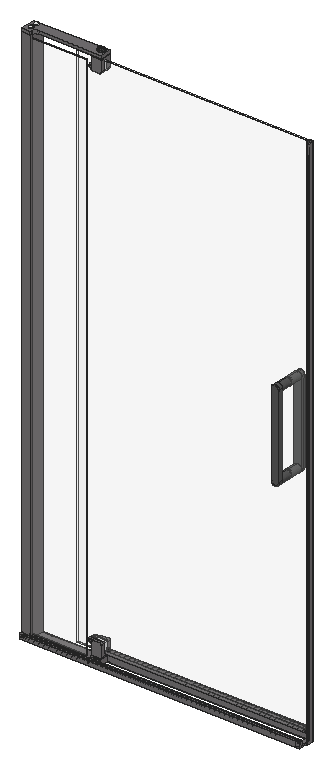
Revit family "Shower-Shower_Door-KOHLER-Revel-K-707511_1", category Specialty Equipment, host Face, Revit 2022 (continued)
Definition of nested family "K-707511"
  Automatic sketch dimensions
    curve 92 to curve 95 = 0"  (x2)
    curve 93 to curve 94 = 0"  (x2)
    curve 93 to curve 95 = 0"  (x2)
    curve 94 to curve 95 = 0"  (x2)
    curve 143 to curve 144 = 0"  (x2)
    curve 143 to curve 145 = 0"  (x2)
    curve 143 to curve 146 = 0"  (x2)
    curve 144 to curve 145 = 0"  (x2)
    curve 144 to curve 146 = 0"  (x2)
    curve 145 to curve 146 = 0"  (x2)
    curve 80 to plane 4 = 0"
    curve 74 to plane 14 = 0"
    plane 1 "Center (Front/Back)" to curve 94 = 0"
    curve 75 to plane 14 = 0"
    curve 78 to plane 27 = 0"
    curve 147 to plane 27 = 0"
    plane 15 to curve 135 = 0"
    plane 15 to curve 136 = 0"
    curve 150 to plane 29 = 0"
    curve 159 to plane 31 = 0"
    curve 153 to plane 30 = 0"
    curve 161 to plane 30 = 0"
    curve 152 to plane 30 = 0"
    plane 15 to curve 150 = 0"
    plane 19 "A" to curve 131 = 0.03673"
    plane 18 to curve 131 = 0.13423"
    plane 20 "B" to curve 116 = 0.03673"
    plane 18 to curve 116 = 0.13423"
    plane 18 to curve 128 = 0.03673"
    plane 18 to curve 123 = 0.03673"
    plane 18 to curve 108 = 0.03673"
    plane 18 to curve 119 = 0.03673"
    curve 118 to plane 18 = 0.03673"
    curve 109 to plane 18 = 0.03673"
    curve 130 to plane 18 = 0.03673"
    curve 124 to plane 18 = 0.03673"
    curve 125 to plane 19 "A" = 0.03673"
    curve 122 to curve 125 = 0.0975"
    plane 20 "B" to curve 112 = 0.03673"
    curve 110 to curve 112 = 0.0975"
    curve 81 to curve 81 = 0.09093"
    curve 85 to plane 5 = 61/256"
    curve 84 to plane 5 = 0.03"
    curve 83 to plane 5 = 0.03"
    plane 1 "Center (Front/Back)" to curve 102 = 0.02884"
    plane 5 to curve 102 = 0.76063"
    plane 20 "B" to curve 141 = 0.16284"
    curve 102 to curve 141 = 0.04852"
    curve 102 to curve 96 = 0.09966"
    curve 102 to curve 104 = 0.09966"
    curve 141 to curve 143 = 0.07988"
    curve 96 to curve 140 = 0.02874"
    curve 140 to curve 94 = 0.0001"
    curve 95 to curve 103 = 0.02884"
    curve 140 to curve 100 = 0.02895"
    plane 1 "Center (Front/Back)" to curve 103 = 0.02884"
    curve 103 to curve 103 = 0.09966"
    plane 1 "Center (Front/Back)" to curve 142 = 0.04856"
    curve 142 to plane 27 = 0.23277"
    curve 157 to plane 31 = 0.03365"
    plane 31 to curve 158 = 0.01322"
    plane 31 to curve 156 = 0.02423"
    curve 156 to curve 154 = 0.00633"
    curve 155 to curve 153 = 0.05885"
    plane 31 to curve 155 = 0.08389"
    plane 1 "Center (Front/Back)" to curve 160 = 0.00425"
    curve 155 to curve 160 = 0.02009"
    plane 31 to curve 162 = 0.15086"
    curve 163 to curve 163 = 0.02441"
    curve 148 to plane 30 = 0.05767"
    curve 147 to plane 30 = 0.05767"
    curve 80 to curve 79 = 0.1652"
    curve 84 to plane 15 = 0.4581"
    curve 84 to curve 85 = 0.11575"
    curve 130 to curve 129 = 0.0975"
    plane 19 "A" to curve 130 = 0.03673"
    curve 127 to plane 19 "A" = 0.03673"
    curve 120 to curve 121 = 0.0975"
    plane 1 "Center (Front/Back)" to curve 162 = 0.18411"
    curve 163 to curve 148 = 0.02361"
    curve 104 to curve 104 = 0.09966"
    curve 101 to plane 1 "Center (Front/Back)" = 0.02884"
    curve 96 to plane 1 "Center (Front/Back)" = 0.02884"
    curve 96 to curve 140 = 0.00248"
    curve 155 to plane 1 "Center (Front/Back)" = 0.09118"
    curve 99 to curve 97 = 0.09966"
    curve 155 to curve 154 = 0.06544"
    curve 154 to curve 156 = 0.00927"
    curve 111 to plane 20 "B" = 0.13423"
    curve 158 to plane 20 "B" = 0.03683"
    curve 114 to plane 20 "B" = 0.03673"
    curve 119 to plane 20 "B" = 0.03673"
    curve 158 to curve 157 = 0.0175"
    curve 108 to curve 108 = 0.0975"
    curve 141 to curve 144 = 0.00699"
    curve 88 to curve 81 = 0.00607"
    plane 5 to curve 87 = 0.27052"
    plane 5 to curve 74 = 0.38638"
    curve 94 to curve 102 = 0.2311"
    curve 92 to curve 102 = 0.08693"
    plane 20 "B" to curve 141 = 0.01706"
    curve 74 to curve 141 = 0.00276"
    curve 140 to curve 141 = 0"
    curve 143 to curve 141 = 0.01712"
    curve 141 to curve 144 = 0.00256"
    curve 146 to curve 75 = 0.02854"
    plane 1 "Center (Front/Back)" to curve 142 = 0.13925"
    curve 75 to plane 27 = 0.1683"
    curve 89 to plane 27 = 0.04478"
    curve 135 to plane 19 "A" = 0.21563"
    curve 135 to plane 6 "K" = 0.49213"
    curve 132 to plane 20 "B" = 0.11924"
    curve 132 to plane 6 "K" = 0.49213"
    curve 138 to plane 6 "K" = 0.49213"
    plane 6 "K" to curve 136 = 0.49213"
    curve 134 to curve 136 = 0"
    plane 6 "K" to curve 138 = 0.49213"
    curve 156 to plane 29 = 0.05792"
    curve 156 to curve 139 = 0.00498"
    curve 163 to curve 161 = 0.0027"
    plane 30 to curve 162 = 0.01307"
    curve 136 to curve 137 = 0.05765"
    curve 137 to curve 151 = 0.2007"
    curve 151 to curve 152 = 0.06438"
    curve 87 to curve 90 = 0.123"
    curve 89 to curve 87 = 0.11678"
    curve 162 to plane 19 "A" = 0.03474"
    curve 162 to curve 161 = 0.0941"
    curve 77 to curve 148 = 0.17575"
    curve 150 to plane 19 "A" = 0.21563"
    curve 136 to plane 19 "A" = 0.21563"
    curve 76 to curve 148 = 0.06517"
    curve 76 to plane 14 = 0.19046"
    curve 133 to plane 14 = 0.19046"
    curve 134 to plane 14 = 0.19046"
    plane 12 to curve 138 = 0.51403"
    curve 35 to curve 36 = 0"  (x2)
    plane 4 to curve 3 = 0"
    plane 4 to curve 5 = 0"
    curve 1 to plane 7 = 0"
    curve 4 to plane 16 = 0"
    curve 4 to plane 17 = 0"
    curve 3 to plane 8 = 0"
    curve 14 to plane 21 "C" = 0"
    curve 6 to plane 5 = 0"
    curve 5 to plane 5 = 0"
    curve 33 to plane 17 = 0"
    curve 13 to plane 16 = 0"
    curve 20 to plane 8 = 0"
    curve 23 to plane 7 = 0"
    curve 34 to plane 17 = 0"
    curve 15 to plane 16 = 0"
    curve 166 to plane 22 = 0"
    curve 17 to plane 30 = 0"
    curve 165 to plane 30 = 0"
    curve 149 to level = 0"
    curve 149 to plane 22 = 0"
    curve 167 to level = 0"
    curve 35 to plane 9 "D" = 0"
    curve 6 to plane 17 = 0"
    curve 14 to plane 5 = 0.03234"
    plane 9 "D" to curve 33 = 0.02692"
    plane 5 to curve 33 = 0.26228"
    curve 7 to plane 21 "C" = 0.03784"
    plane 5 to curve 7 = 0.28002"
    plane 9 "D" to curve 30 = 0.27933"
    curve 8 to curve 8 = 0.24016"
    curve 30 to plane 27 = 0.31124"
    curve 10 to plane 21 "C" = 0.03893"
    curve 10 to plane 27 = 0.28385"
    plane 9 "D" to curve 34 = 0.02692"
    plane 31 to curve 166 = 0.15086"
    plane 16 to curve 18 = 0.04195"
    plane 7 to curve 2 = 0.03277"
    plane 18 to curve 2 = 0.246"
    curve 2 to curve 1 = 0"  (x2)
    curve 1 to plane 18 = 0.246"
    curve 4 to plane 18 = 0.48083"
    curve 1 to curve 3 = 0.23863"
    plane 5 to curve 22 = 0.26706"
    curve 31 to curve 36 = 0.02188"
    plane 26 to curve 25 = 0.16051"
    plane 5 to curve 25 = 0.56409"
    plane 16 to curve 12 = 0.12358"
    curve 7 to curve 12 = 0.37288"
    curve 12 to curve 13 = 0"
    curve 25 to curve 24 = 23/256"
    curve 22 to curve 20 = 0.38688"
    curve 24 to curve 23 = 0"  (x2)
    curve 20 to curve 21 = 0"  (x2)
    curve 20 to plane 27 = 0.45049"
    curve 23 to curve 20 = 0"
    curve 13 to curve 11 = 0.40467"
    curve 13 to curve 12 = 0.00481"
    curve 24 to curve 25 = 23/256"
    curve 22 to plane 27 = 0.06361"
    curve 15 to plane 27 = 0.04478"
    curve 168 to plane 29 = 0.05794"
    curve 149 to plane 28 = 0.05484"
    curve 16 to level = 0.00013"
    curve 18 to curve 15 = 0.13054"
    plane 16 to curve 11 = 0.16295"
    curve 166 to curve 19 = 0.42563"
    plane 16 to curve 6 = 0.46758"
    curve 7 to curve 6 = 0"
    plane 21 "C" to curve 14 = 0.31068"
    curve 35 to plane 9 "D" = 0.16965"
    curve 22 to plane 8 = 0.13399"
    curve 21 to plane 8 = 0.07121"
    curve 24 to curve 25 = 0.063"
    Extrusion 1 sketch curve to level = 0"
    Extrusion 1 sketch curve to plane 15 = 0.06835"
    Extrusion 1 sketch curve to Extrusion 1 sketch curve = 0.0575"
    Extrusion 1 sketch curve to Extrusion 1 sketch curve = 0.00517"
    Extrusion 1 sketch curve to Extrusion 1 sketch curve = 0.01419"
    Extrusion 1 sketch curve to Extrusion 1 sketch curve = 0.06095"
    level to Extrusion 1 sketch curve = 1/16"
    Extrusion 1 sketch curve to plane 19 "A" = 0.24875"
    Extrusion 1 sketch curve to Extrusion 1 sketch curve = 0.0269"
    Extrusion 1 sketch curve to plane 14 = 0.11294"
    Extrusion 1 sketch curve to plane 14 = 0.10972"
    level to Extrusion 1 sketch curve = 0.0362"
    level to Extrusion 1 sketch curve = 0.1353"
    Extrusion 1 sketch curve to Extrusion 1 sketch curve = 0.18081"
    Extrusion 1 sketch curve to plane 16 = 0.14992"
    Extrusion 2 sketch curve to plane 15 = 0"
    Extrusion 2 sketch curve to plane 16 = 0"
    Extrusion 2 sketch curve to level = 0"
    Extrusion 2 sketch curve to Extrusion 2 sketch curve = 0.02565"
    Extrusion 2 sketch curve to Extrusion 2 sketch curve = 0.04849"
    Extrusion 2 sketch curve to plane 15 = 0.06835"
    Extrusion 2 sketch curve to Extrusion 2 sketch curve = 0.01986"
    Extrusion 2 sketch curve to Extrusion 2 sketch curve = 0.13"
    Extrusion 2 sketch curve to Extrusion 2 sketch curve = 0.03"
    Extrusion 2 sketch curve to Extrusion 2 sketch curve = 0.02306"
    level to Extrusion 2 sketch curve = 0.06"
    Extrusion 2 sketch curve to plane 19 "A" = 0.21563"
    Extrusion 2 sketch curve to level = 0.00012"
    Extrusion 2 sketch curve to Extrusion 2 sketch curve = 0.05002"
    Extrusion 2 sketch curve to Extrusion 2 sketch curve = 0.06012"
    Extrusion 2 sketch curve to Extrusion 2 sketch curve = 0.23886"
    Extrusion 2 sketch curve to Extrusion 2 sketch curve = 0.03927"
    Extrusion 3 sketch curve to plane 15 = 0"
    Extrusion 3 sketch curve to plane 16 = 0"
    plane 15 to Extrusion 3 sketch curve = 0.01592"
    Extrusion 3 sketch curve to Extrusion 3 sketch curve = 0.01926"
    Extrusion 3 sketch curve to plane 15 = 0.27398"
    Extrusion 3 sketch curve to Extrusion 3 sketch curve = 0.02839"
    level to Extrusion 3 sketch curve = 0.12718"
    Extrusion 3 sketch curve to Extrusion 3 sketch curve = 0.02873"
    Extrusion 3 sketch curve to Extrusion 3 sketch curve = 0.00215"
    Extrusion 3 sketch curve to Extrusion 3 sketch curve = 0.01786"
    Extrusion 3 sketch curve to Extrusion 3 sketch curve = 0.03964"
    level to Extrusion 3 sketch curve = 0.02652"
    Extrusion 3 sketch curve to plane 19 "A" = 0.24875"
    Extrusion 3 sketch curve to level = 0.00012"
    Extrusion 3 sketch curve to plane 20 "B" = 0.05137"
    Extrusion 3 sketch curve to plane 20 "B" = 0.04724"
    Extrusion 3 sketch curve to plane 20 "B" = 0.01862"
    level to Extrusion 3 sketch curve = 0.03588"
    Extrusion 3 sketch curve to Extrusion 3 sketch curve = 0.03586"
    Extrusion 3 sketch curve to Extrusion 3 sketch curve = 0.17605"
    plane 16 to Extrusion 3 sketch curve = 0.01936"
    Extrusion 4 sketch curve to plane 4 = 0"  (x3)
    Extrusion 4 sketch curve to Extrusion 4 sketch curve = 0.0602"  (x3)
    plane 18 to Extrusion 4 sketch curve = 0.07962"  (x2)
    Extrusion 4 sketch curve to plane 18 = 0.12868"
    Extrusion 4 sketch curve to Extrusion 4 sketch curve = 0.35216"
    Extrusion 4 sketch curve to plane 14 = 0.06541"
    Extrusion 4 sketch curve to plane 18 = 0.48463"
    Extrusion 4 sketch curve to Extrusion 4 sketch curve = 0.08028"
    Extrusion 4 sketch curve to plane 20 "B" = 0.05739"
    Extrusion 4 sketch curve to Extrusion 4 sketch curve = 0.06414"
    Extrusion 4 sketch curve to plane 19 "A" = 0.12285"
    Extrusion 4 sketch curve to plane 19 "A" = 0.05862"
    plane 19 "A" to Extrusion 4 sketch curve = 0.29112"
    Extrusion 4 sketch curve to Extrusion 4 sketch curve = 0.11575"
    Extrusion 4 sketch curve to plane 15 = 0.32135"
    Extrusion 4 sketch curve to Extrusion 4 sketch curve = 0.063"
    plane 18 to Extrusion 5 sketch curve = 0.07962"  (x2)
    Extrusion 5 sketch curve to plane 18 = 0.12868"
    Extrusion 5 sketch curve to plane 5 = 61/256"
    Extrusion 5 sketch curve to plane 5 = 0.03"  (x2)
    Extrusion 5 sketch curve to plane 15 = 0.4581"
    Extrusion 5 sketch curve to Extrusion 5 sketch curve = 0.11575"
    Extrusion 6 sketch curve to plane 14 = 0"
    Extrusion 6 sketch curve to plane 15 = 0.20009"
    Extrusion 6 sketch curve to plane 18 = 0.45693"
    Extrusion 6 sketch curve to Extrusion 6 sketch curve = 0.09093"
    Extrusion 6 sketch curve to Extrusion 6 sketch curve = 0.51584"
    Extrusion 6 sketch curve to Extrusion 6 sketch curve = 0.07427"
    Revolve 7 sketch curve to plane 7 = 0.10388"
    Revolve 7 sketch curve to Revolve 7 sketch curve = 0.03277"
    Revolve 7 sketch curve to Revolve 7 sketch curve = 0.17753"
    Revolve 7 sketch curve to plane 26 = 0.02929"
    Revolve 7 sketch curve to Revolve 7 sketch curve = 0.2419"
    Revolve 8 sketch curve to Revolve 8 sketch curve = 0.03277"
    Revolve 8 sketch curve to Revolve 8 sketch curve = 0.17753"
    Revolve 8 sketch curve to plane 7 = 0.10388"
    plane 26 to Revolve 8 sketch curve = 0.01062"
    Revolve 8 sketch curve to plane 26 = 0.13893"
    Extrusion 9 sketch curve to level = 0"
    Extrusion 9 sketch curve to plane 15 = 0.06835"
    Extrusion 9 sketch curve to Extrusion 9 sketch curve = 0.0575"
    Extrusion 9 sketch curve to Extrusion 9 sketch curve = 0.11628"
    Extrusion 9 sketch curve to Extrusion 9 sketch curve = 0.01"
    Extrusion 9 sketch curve to Extrusion 9 sketch curve = 0.0365"
    Extrusion 9 sketch curve to plane 16 = 0.00492"  (x2)
    Extrusion 9 sketch curve to Extrusion 9 sketch curve = 0.03091"
    Extrusion 9 sketch curve to Extrusion 9 sketch curve = 0.05911"
    Extrusion 9 sketch curve to Extrusion 9 sketch curve = 1/8"
    Extrusion 9 sketch curve to Extrusion 9 sketch curve = 0.04573"
    Extrusion 9 sketch curve to Extrusion 9 sketch curve = 0.27637"
    Extrusion 9 sketch curve to Extrusion 9 sketch curve = 0.06091"
    Extrusion 9 sketch curve to Extrusion 9 sketch curve = 0.04562"
    level to Extrusion 9 sketch curve = 1/16"
    Extrusion 9 sketch curve to plane 19 "A" = 0.24913"
    Extrusion 9 sketch curve to Extrusion 9 sketch curve = 1/32"
    Extrusion 9 sketch curve to plane 14 = 0.07674"
    level to Extrusion 9 sketch curve = 0.13559"
    level to Extrusion 9 sketch curve = 1/4"
    Extrusion 9 sketch curve to Extrusion 9 sketch curve = 0.05172"
    Extrusion 9 sketch curve to plane 16 = 0.14992"
    Extrusion 10 sketch curve to plane 21 "C" = 0.03784"
    plane 5 to Extrusion 10 sketch curve = 0.28002"
    Extrusion 10 sketch curve to Extrusion 10 sketch curve = 0.03852"
    Extrusion 10 sketch curve to Extrusion 10 sketch curve = 0.24016"
    Extrusion 10 sketch curve to plane 21 "C" = 0.03893"
    Extrusion 10 sketch curve to plane 27 = 0.28385"
    Extrusion 10 sketch curve to Extrusion 10 sketch curve = 0.03937"
    plane 16 to Extrusion 10 sketch curve = 0.16295"
    plane 1 "Center (Front/Back)" to Extrusion 11 sketch curve = 0.223"
    Extrusion 11 sketch curve to plane 20 "B" = 0.04449"
    plane 16 to Extrusion 11 sketch curve = 0.46758"
    Extrusion 11 sketch curve to plane 21 "C" = 0.5088"
    plane 5 to Extrusion 12 sketch curve = 0.29971"
    Extrusion 12 sketch curve to plane 21 "C" = 0.25831"
    Extrusion 12 sketch curve to Extrusion 12 sketch curve = 0.22047"
    Extrusion 12 sketch curve to plane 21 "C" = 0.03893"
    Extrusion 12 sketch curve to plane 27 = 0.28385"
    plane 16 to Extrusion 12 sketch curve = 0.46758"
    plane 20 "B" to Revolve 13 sketch curve = 0.069"
    plane 20 "B" to Revolve 13 sketch curve = 0.02888"
    Revolve 13 sketch curve to plane 20 "B" = 0.14723"
    Revolve 13 sketch curve to Revolve 13 sketch curve = 0.03917"  (x2)
    plane 1 "Center (Front/Back)" to Revolve 13 sketch curve = 0.097"
    Revolve 13 sketch curve to Revolve 13 sketch curve = 0.17611"
    Revolve 13 sketch curve to plane 5 = 0.03234"  (x2)
    Revolve 13 sketch curve to plane 19 "A" = 0.19948"
    Revolve 13 sketch curve to plane 5 = 0.18945"
    Revolve 13 sketch curve to Revolve 13 sketch curve = 0.1116"  (x2)
    Revolve 13 sketch curve to Revolve 13 sketch curve = 0.00353"  (x2)
    Revolve 13 sketch curve to Revolve 13 sketch curve = 0.138"
    Revolve 13 sketch curve to Revolve 13 sketch curve = 0"
    plane 5 to Extrusion 14 sketch curve = 0.48346"
    Extrusion 14 sketch curve to Extrusion 14 sketch curve = 0.10908"  (x7)
    Extrusion 14 sketch curve to Extrusion 14 sketch curve = 0.40681"
    Extrusion 14 sketch curve to Extrusion 14 sketch curve = 0"  (x2)
    plane 21 "C" to Extrusion 14 sketch curve = 0.69196"
    Extrusion 14 sketch curve to Extrusion 14 sketch curve = 0.06298"  (x6)
    Extrusion 14 sketch curve to Extrusion 14 sketch curve = 0.12596"  (x6)
    Revolve 15 sketch curve to plane 5 = 0"  (x2)
    plane 20 "B" to Revolve 15 sketch curve = 0.07592"
    plane 20 "B" to Revolve 15 sketch curve = 0.0358"
    Revolve 15 sketch curve to plane 20 "B" = 0.14031"
    Revolve 15 sketch curve to Revolve 15 sketch curve = 0.03917"  (x2)
    plane 1 "Center (Front/Back)" to Revolve 15 sketch curve = 0.09007"
    Revolve 15 sketch curve to Revolve 15 sketch curve = 0.17611"
    Revolve 15 sketch curve to Revolve 15 sketch curve = 0.04012"
    Revolve 15 sketch curve to plane 5 = 0.15711"
    Revolve 15 sketch curve to Revolve 15 sketch curve = 0.1116"  (x2)
    Revolve 15 sketch curve to Revolve 15 sketch curve = 0.00353"  (x2)
    Revolve 15 sketch curve to Revolve 15 sketch curve = 0.04117"
    Revolve 15 sketch curve to Revolve 15 sketch curve = 0.03191"
    plane 1 "Center (Front/Back)" to Extrusion 16 sketch curve = 0.1776"
    plane 1 "Center (Front/Back)" to Extrusion 16 sketch curve = 0.13662"
    Extrusion 16 sketch curve to Extrusion 16 sketch curve = 0.01969"
    plane 1 "Center (Front/Back)" to Extrusion 16 sketch curve = 0.097"
    Extrusion 16 sketch curve to plane 1 "Center (Front/Back)" = 0.019"
    Extrusion 16 sketch curve to plane 1 "Center (Front/Back)" = 0.135"
    Extrusion 16 sketch curve to Extrusion 16 sketch curve = 0.01577"
    Extrusion 16 sketch curve to Extrusion 16 sketch curve = 0.06816"
    Extrusion 16 sketch curve to Extrusion 16 sketch curve = 0.02029"
    Extrusion 16 sketch curve to plane 20 "B" = 0.06943"
    Extrusion 16 sketch curve to plane 20 "B" = 0.05981"
    Extrusion 16 sketch curve to plane 20 "B" = 0.04455"
    Extrusion 16 sketch curve to Extrusion 16 sketch curve = 0.00192"
    Extrusion 16 sketch curve to Extrusion 16 sketch curve = 0.02195"
    Extrusion 16 sketch curve to plane 20 "B" = 0.0158"
    plane 20 "B" to Extrusion 16 sketch curve = 0.02709"
    plane 20 "B" to Extrusion 16 sketch curve = 0.1554"
    Extrusion 16 sketch curve to Extrusion 16 sketch curve = 0.13668"
    Extrusion 16 sketch curve to plane 14 = 0.10279"
    plane 12 to Extrusion 16 sketch curve = 0.13751"
    level to Extrusion 16 sketch curve = 0.02205"
    plane 16 to Extrusion 16 sketch curve = 0.38094"
    plane 16 to Extrusion 16 sketch curve = 0.46758"
    Extrusion 16 sketch curve to Extrusion 16 sketch curve = 0.05297"
    Extrusion 16 sketch curve to Extrusion 16 sketch curve = 0.06092"
    Extrusion 16 sketch curve to Extrusion 16 sketch curve = 0.00797"
    Extrusion 16 sketch curve to Extrusion 16 sketch curve = 0.08"
    Extrusion 16 sketch curve to Extrusion 16 sketch curve = 0.0482"
    Extrusion 16 sketch curve to Extrusion 16 sketch curve = 0.00549"
    Extrusion 16 sketch curve to Extrusion 16 sketch curve = 0.13016"
    Extrusion 16 sketch curve to Extrusion 16 sketch curve = 0.17562"
    Extrusion 16 sketch curve to Extrusion 16 sketch curve = 0.03365"
    Extrusion 16 sketch curve to Extrusion 16 sketch curve = 0.22138"
    Extrusion 16 sketch curve to Extrusion 16 sketch curve = 0.42658"
    Extrusion 16 sketch curve to Extrusion 16 sketch curve = 0.04739"
    Extrusion 16 sketch curve to plane 21 "C" = 0.6411"
    Extrusion 16 sketch curve to Extrusion 16 sketch curve = 0"  (x4)
    Extrusion 16 sketch curve to plane 20 "B" = 0.00715"
    Extrusion 16 sketch curve to Extrusion 16 sketch curve = 0.00661"
    Extrusion 17 sketch curve to Extrusion 17 sketch curve = 0.03321"  (x2)
    plane 9 "D" to Extrusion 17 sketch curve = 0.02692"  (x2)
    Extrusion 17 sketch curve to plane 27 = 0.05882"
    plane 5 to Extrusion 17 sketch curve = 0.51469"
    plane 1 "Center (Front/Back)" to Extrusion 18 sketch curve = 0.22762"
    Extrusion 18 sketch curve to plane 20 "B" = 0.08637"
    plane 5 to Extrusion 19 sketch curve = 0.28196"
    plane 9 "D" to Extrusion 19 sketch curve = 0.02692"  (x2)
    Extrusion 19 sketch curve to Extrusion 19 sketch curve = 0.23273"
    Extrusion 19 sketch curve to plane 27 = 0.31124"
    plane 1 "Center (Front/Back)" to Extrusion 20 sketch curve = 0.1605"
    Extrusion 20 sketch curve to plane 5 = 2.07363"
    Extrusion 20 sketch curve to plane 1 "Center (Front/Back)" = 0.152"
    Extrusion 20 sketch curve to Extrusion 20 sketch curve = 0"
    Extrusion 20 sketch curve to Extrusion 20 sketch curve = 0.19516"
    plane 1 "Center (Front/Back)" to Extrusion 20 sketch curve = 0.00425"
    plane 31 to Extrusion 20 sketch curve = 0.10398"
    plane 23 to Extrusion 21 sketch curve = 0.06719"  (x4)
    plane 5 to Extrusion 21 sketch curve = 0.46627"
    Extrusion 21 sketch curve to plane 23 = 0.12174"  (x2)
    Extrusion 21 sketch curve to Extrusion 21 sketch curve = 0.10908"  (x7)
    plane 23 to Extrusion 21 sketch curve = 0.00422"  (x2)
    Extrusion 21 sketch curve to plane 22 = 0.12366"  (x2)
    Extrusion 21 sketch curve to Extrusion 21 sketch curve = 0.40862"
    Extrusion 21 sketch curve to Extrusion 21 sketch curve = 0"
    Extrusion 21 sketch curve to plane 23 = 0.05876"  (x4)
    Revolve 22 sketch curve to plane 11 = 0"
    plane 24 to Revolve 22 sketch curve = 0.24424"
    plane 12 to Revolve 22 sketch curve = 0.51403"
    Revolve 22 sketch curve to plane 1 "Center (Front/Back)" = 0.135"
    plane 1 "Center (Front/Back)" to Revolve 22 sketch curve = 0.097"
    Revolve 22 sketch curve to plane 15 = 0.05765"
    Revolve 22 sketch curve to plane 12 = 1.06078"
    Revolve 22 sketch curve to Revolve 22 sketch curve = 0.3937"
    plane 1 "Center (Front/Back)" to Revolve 23 sketch curve = 0.097"
    Revolve 23 sketch curve to plane 25 = 0.24424"
    Revolve 23 sketch curve to plane 1 "Center (Front/Back)" = 0.135"
    plane 12 to Revolve 23 sketch curve = 0.51403"
    Revolve 23 sketch curve to plane 15 = 0.05765"
    Revolve 23 sketch curve to plane 12 = 3.81668"
    Revolve 23 sketch curve to Revolve 23 sketch curve = 0.7874"
    Sweep 24 sketch curve to profile plane = 0"
    Sweep 24 sketch curve to profile plane = 0.03819"
    Sweep 24 sketch curve to Sweep 24 sketch curve = 0.03217"
    plane 1 "Center (Front/Back)" to Sweep 24 sketch curve = 1.47495"
    Sweep 24 sketch curve to Sweep 24 sketch curve = 0.48457"
    Extrusion 25 sketch curve to plane 25 = 0"
    Sweep 26 sketch curve to profile plane = 0"
    profile plane to Sweep 26 sketch curve = 0.03596"
    Sweep 26 sketch curve to Sweep 26 sketch curve = 0.04726"
    Sweep 26 sketch curve to plane 1 "Center (Front/Back)" = 2.10994"
    Sweep 26 sketch curve to Sweep 26 sketch curve = 0.47807"
    Extrusion 27 sketch curve to plane 25 = 0"
    Extrusion 27 sketch curve to plane 24 = 0"
    plane 1 "Center (Front/Back)" to Extrusion 28 sketch curve = 0"
    Extrusion 28 sketch curve to plane 27 = 0.68567"
    Masking region 1 sketch curve to Masking region 1 sketch curve = 0"  (x4)
    plane 18 to Masking region 1 sketch curve = 0"
    Masking region 1 sketch curve to plane 7 = 0"  (x2)
    Masking region 1 sketch curve to plane 5 = 0"
    Masking region 1 sketch curve to plane 26 = 0"
    Masking region 1 sketch curve to plane 16 = 0"  (x2)
    Masking region 1 sketch curve to plane 8 = 0"
    Masking region 1 sketch curve to plane 17 = 0"
    Masking region 1 sketch curve to plane 28 = 0"
    Masking region 1 sketch curve to level = 0"
    plane 18 to Masking region 1 sketch curve = 0.246"
    plane 7 to Masking region 1 sketch curve = 0.03277"
    Masking region 1 sketch curve to plane 18 = 0.246"
    plane 5 to Masking region 1 sketch curve = 0.26228"
    Masking region 1 sketch curve to plane 8 = 0.07121"  (x2)
    Masking region 1 sketch curve to Masking region 1 sketch curve = 0.00478"
    Masking region 1 sketch curve to Masking region 1 sketch curve = 0.28002"
    Masking region 1 sketch curve to Masking region 1 sketch curve = 0.03852"
    Masking region 1 sketch curve to Masking region 1 sketch curve = 0.11286"
    plane 7 to Masking region 1 sketch curve = 0.1409"  (x2)
    plane 5 to Masking region 1 sketch curve = 0.52953"
    plane 26 to Masking region 1 sketch curve = 0.16051"  (x2)
    Masking region 1 sketch curve to Masking region 1 sketch curve = 0.03457"  (x2)
    plane 26 to Masking region 1 sketch curve = 0.02092"  (x2)
    Masking region 1 sketch curve to Masking region 1 sketch curve = 0.01962"
    plane 26 to Masking region 1 sketch curve = 0.02431"
    Masking region 1 sketch curve to Masking region 1 sketch curve = 0.33436"
    Masking region 1 sketch curve to Masking region 1 sketch curve = 0.12442"
    Masking region 1 sketch curve to Masking region 1 sketch curve = 0.27402"
    Masking region 1 sketch curve to plane 27 = 0.45049"
    plane 16 to Masking region 1 sketch curve = 0.12358"
    Masking region 1 sketch curve to plane 27 = 0.44945"
    Masking region 1 sketch curve to Masking region 1 sketch curve = 0.04616"
    Masking region 1 sketch curve to Masking region 1 sketch curve = 0.02407"
    Masking region 1 sketch curve to Masking region 1 sketch curve = 23/256"
    Masking region 1 sketch curve to plane 27 = 0.17647"
    Masking region 1 sketch curve to plane 27 = 0.08415"
    Masking region 1 sketch curve to plane 27 = 0.06361"
    Masking region 1 sketch curve to plane 27 = 0.05882"
    Masking region 1 sketch curve to plane 27 = 0.04478"
    Masking region 1 sketch curve to Masking region 1 sketch curve = 0.12358"
    Masking region 1 sketch curve to Masking region 1 sketch curve = 0.03937"
    Masking region 1 sketch curve to Masking region 1 sketch curve = 0.30548"
    Masking region 1 sketch curve to Masking region 1 sketch curve = 0.09599"  (x2)
    Masking region 1 sketch curve to plane 7 = 0.10415"
    Masking region 2 sketch curve to Masking region 2 sketch curve = 0"  (x7)
    Masking region 2 sketch curve to level = 0"  (x2)
    Masking region 2 sketch curve to plane 15 = 0"  (x2)
    Masking region 2 sketch curve to plane 10 = 0"
    Masking region 2 sketch curve to plane 12 = 0"
    Masking region 2 sketch curve to plane 13 = 0"
    Masking region 2 sketch curve to plane 11 = 0"  (x2)
    Masking region 2 sketch curve to plane 8 = 0"
    Masking region 2 sketch curve to plane 19 "A" = 0"
    Masking region 2 sketch curve to plane 20 "B" = 0"
    Masking region 2 sketch curve to plane 7 = 0"  (x2)
    Masking region 2 sketch curve to plane 14 = 0"
    Masking region 2 sketch curve to level = 0.00012"
    level to Masking region 2 sketch curve = 0.01986"
    Masking region 2 sketch curve to Masking region 2 sketch curve = 0.0269"
    level to Masking region 2 sketch curve = 0.03588"
    Masking region 2 sketch curve to Masking region 2 sketch curve = 0.0331"
    Masking region 2 sketch curve to Masking region 2 sketch curve = 0.00251"
    Masking region 2 sketch curve to Masking region 2 sketch curve = 0.05002"
    Masking region 2 sketch curve to Masking region 2 sketch curve = 0.06012"
    Masking region 2 sketch curve to Masking region 2 sketch curve = 0.0053"
    level to Masking region 2 sketch curve = 0.21702"
    Masking region 2 sketch curve to Masking region 2 sketch curve = 0.03298"  (x2)
    Masking region 2 sketch curve to Masking region 2 sketch curve = 0.12887"
    Masking region 2 sketch curve to Masking region 2 sketch curve = 0.04783"
    Masking region 2 sketch curve to Masking region 2 sketch curve = 0.04523"
    Masking region 2 sketch curve to Masking region 2 sketch curve = 0.056"
    Masking region 2 sketch curve to Masking region 2 sketch curve = 0.112"
    Masking region 2 sketch curve to plane 16 = 0.06492"
    plane 16 to Masking region 2 sketch curve = 0.01936"
    Masking region 2 sketch curve to Masking region 2 sketch curve = 0.0226"
    Masking region 2 sketch curve to plane 14 = 0.01249"  (x4)
    plane 16 to Masking region 2 sketch curve = 0.12358"
    plane 14 to Masking region 2 sketch curve = 0.03695"  (x2)
    Masking region 2 sketch curve to Masking region 2 sketch curve = 0.65502"
    plane 21 "C" to Masking region 2 sketch curve = 0.37702"
    Masking region 2 sketch curve to plane 21 "C" = 0.278"
    Masking region 2 sketch curve to Masking region 2 sketch curve = 0.03937"
    Masking region 2 sketch curve to Masking region 2 sketch curve = 0.04189"
    Masking region 2 sketch curve to plane 15 = 0.05765"
    plane 25 to Masking region 2 sketch curve = 0.49008"
    Masking region 2 sketch curve to plane 14 = 0.06541"  (x3)
    plane 25 to Masking region 2 sketch curve = 0.49213"
    Masking region 2 sketch curve to plane 24 = 0.49213"  (x2)
    Masking region 2 sketch curve to plane 11 = 0.03937"
    Masking region 2 sketch curve to plane 11 = 0.03773"
    plane 9 "D" to Masking region 2 sketch curve = 0.27933"
    Masking region 2 sketch curve to plane 23 = 0.18476"
    Masking region 2 sketch curve to plane 22 = 0.06065"
    Masking region 2 sketch curve to plane 8 = 0.13399"
    Masking region 2 sketch curve to plane 7 = 0.10301"  (x2)
    plane 7 to Masking region 2 sketch curve = 0.03265"  (x3)
    Masking region 2 sketch curve to Masking region 2 sketch curve = 0.10825"
    plane 20 "B" to Masking region 2 sketch curve = 0.05679"
    plane 7 to Masking region 2 sketch curve = 0.17155"
    plane 20 "B" to Masking region 2 sketch curve = 0.03811"
    Masking region 2 sketch curve to Masking region 2 sketch curve = 0.03235"
    Masking region 2 sketch curve to Masking region 2 sketch curve = 0.063"
    plane 26 to Masking region 2 sketch curve = 0.03296"  (x2)
    plane 26 to Masking region 2 sketch curve = 0.02837"  (x2)
    plane 12 to Masking region 2 sketch curve = 0.51403"
    Masking region 2 sketch curve to Masking region 2 sketch curve = 0.05292"  (x2)
    Masking region 2 sketch curve to plane 14 = 0.07674"
    plane 20 "B" to Masking region 2 sketch curve = 0.00335"
    Masking region 2 sketch curve to plane 20 "B" = 0.01523"
    plane 1 "Center (Front/Back)" to Masking region 2 sketch curve = 0.23689"
    Masking region 2 sketch curve to Masking region 2 sketch curve = 0.03674"
    Masking region 2 sketch curve to plane 19 "A" = 0.27565"
    Masking region 2 sketch curve to Masking region 2 sketch curve = 0.06964"
    Masking region 2 sketch curve to Masking region 2 sketch curve = 0.08795"
    Masking region 2 sketch curve to Masking region 2 sketch curve = 0.03313"
    Masking region 2 sketch curve to Masking region 2 sketch curve = 0.03477"
    Masking region 2 sketch curve to plane 15 = 0.25835"  (x2)
    Masking region 2 sketch curve to Masking region 2 sketch curve = 0.2007"
    Masking region 2 sketch curve to plane 15 = 0.25635"
    Masking region 2 sketch curve to Masking region 2 sketch curve = 0.028"
    Masking region 2 sketch curve to Masking region 2 sketch curve = 0.0365"
    Masking region 2 sketch curve to plane 15 = 0.20009"
    Masking region 2 sketch curve to Masking region 2 sketch curve = 0.01419"
    Masking region 2 sketch curve to Masking region 2 sketch curve = 0.00901"
    Masking region 2 sketch curve to Masking region 2 sketch curve = 0.0575"
    Masking region 2 sketch curve to plane 15 = 0.06835"  (x2)
    plane 15 to Masking region 2 sketch curve = 0.01592"
    curve 42 to level = 0"
    curve 41 to plane 15 = 0"
    curve 40 to plane 16 = 0"
    curve 53 to plane 10 = 0"
    curve 55 to plane 10 = 0"
    curve 56 to plane 10 = 0"
    curve 54 to plane 10 = 0"
    curve 60 to plane 11 = 0"
    curve 57 to plane 11 = 0"
    curve 59 to plane 11 = 0"
    curve 58 to plane 11 = 0"
    curve 50 to plane 8 = 0"
    curve 64 to plane 7 = 0"
    curve 65 to plane 7 = 0"
    level to curve 38 = 1/4"
    curve 41 to curve 41 = 0.02565"
    curve 39 to plane 16 = 0.02306"
    curve 69 to plane 20 "B" = 0.00166"
    curve 69 to plane 7 = 0.10106"
    plane 7 to curve 67 = 0.03265"
    curve 67 to plane 1 "Center (Front/Back)" = 0.07518"
    curve 38 to plane 15 = 0.25835"
    level to curve 44 = 0.06988"
    curve 44 to curve 44 = 0.06012"
    curve 44 to curve 43 = 0.13028"
    curve 43 to curve 41 = 0.12427"
    curve 40 to curve 38 = 0.04195"
    plane 16 to curve 45 = 0.12358"
    curve 46 to plane 14 = 0.01249"
    curve 45 to curve 46 = 0.65502"
    plane 21 "C" to curve 46 = 0.37702"
    curve 45 to plane 14 = 0.06541"
    curve 45 to plane 21 "C" = 0.278"
    curve 56 to plane 15 = 0.05765"
    plane 25 to curve 56 = 0.49008"
    curve 56 to curve 54 = 0"
    curve 53 to plane 14 = 0.06541"
    plane 25 to curve 53 = 0.49213"
    plane 25 to curve 55 = 0.49213"
    curve 57 to plane 14 = 0.06541"
    curve 57 to plane 24 = 0.49213"
    curve 60 to plane 15 = 0.05765"
    curve 60 to plane 24 = 0.49213"
    curve 60 to curve 59 = 0"
    curve 58 to plane 24 = 0.49213"
    curve 61 to plane 14 = 0.06541"
    plane 9 "D" to curve 61 = 0.27933"
    curve 62 to plane 14 = 0.01249"
    curve 62 to plane 23 = 0.18476"
    curve 62 to plane 22 = 0.06065"
    curve 61 to plane 8 = 0.13399"
    plane 7 to curve 66 = 0.03265"
    curve 71 to plane 20 "B" = 0.14018"
    plane 20 "B" to curve 69 = 0.05679"
    plane 20 "B" to curve 70 = 0.00355"
    curve 69 to curve 70 = 0.03235"
    curve 47 to plane 14 = 0.14569"
    curve 64 to plane 14 = 0.14464"
    curve 68 to curve 64 = 0"
    curve 37 to curve 47 = 0.03597"
    curve 63 to plane 14 = 0.06541"
    plane 12 to curve 55 = 0.51403"
    plane 12 to curve 58 = 0.51403"
    curve 48 to plane 20 "B" = 0.05739"
    curve 48 to curve 49 = 0.06414"
    plane 1 "Center (Front/Back)" to curve 71 = 0.23519"
    curve 71 to curve 64 = 0.0017"
    curve 64 to curve 66 = 0.06964"
    curve 65 to curve 66 = 0"
    curve 71 to curve 70 = 0.08965"
    curve 50 to plane 19 "A" = 0.12285"
    curve 51 to plane 19 "A" = 0.05862"
    plane 19 "A" to curve 65 = 0.24536"
    curve 66 to curve 65 = 0"
    curve 52 to plane 15 = 0.32135"
    curve 54 to curve 56 = 0.2007"
    curve 59 to curve 60 = 0.2007"
    curve 52 to curve 63 = 0.063"
    curve 43 to plane 15 = 0.06835"
    curve 44 to plane 15 = 0.06835"
    Masking region 3 sketch curve to plane 14 = 0"  (x3)
    Masking region 3 sketch curve to plane 27 = 0"  (x2)
    plane 15 to Masking region 3 sketch curve = 0"  (x2)
    plane 12 to Masking region 3 sketch curve = 0"
    plane 13 to Masking region 3 sketch curve = 0"
    Masking region 3 sketch curve to plane 6 "K" = 0"
    Masking region 3 sketch curve to plane 31 = 0"
    Masking region 3 sketch curve to plane 30 = 0"
    plane 5 to Masking region 3 sketch curve = 0.38638"
    plane 14 to Masking region 3 sketch curve = 0.03695"  (x2)
    Masking region 3 sketch curve to Masking region 3 sketch curve = 0.3937"
    Masking region 3 sketch curve to Masking region 3 sketch curve = 0.23449"
    Masking region 3 sketch curve to plane 27 = 0.1683"
    Masking region 3 sketch curve to plane 19 "A" = 0.21563"
    Masking region 3 sketch curve to plane 6 "K" = 0.49213"  (x3)
    Masking region 3 sketch curve to Masking region 3 sketch curve = 0.03693"
    Masking region 3 sketch curve to plane 13 = 0.05243"
    plane 6 "K" to Masking region 3 sketch curve = 0.4397"
    plane 12 to Masking region 3 sketch curve = 0.03693"
    plane 6 "K" to Masking region 3 sketch curve = 0.4552"
    plane 1 "Center (Front/Back)" to Masking region 3 sketch curve = 0.1776"
    plane 6 "K" to Masking region 3 sketch curve = 0.49213"
    Masking region 3 sketch curve to Masking region 3 sketch curve = 0.05243"
    plane 30 to Masking region 3 sketch curve = 0.03753"
    Masking region 3 sketch curve to plane 20 "B" = 0.03683"
    Masking region 3 sketch curve to plane 28 = 0.06578"
    Masking region 3 sketch curve to plane 28 = 0.03401"
    Masking region 3 sketch curve to plane 20 "B" = 0.00182"
    Masking region 3 sketch curve to plane 28 = 0.0305"
    plane 15 to Masking region 3 sketch curve = 0.03852"
    Masking region 3 sketch curve to plane 19 "A" = 0.03474"
    Masking region 3 sketch curve to Masking region 3 sketch curve = 0.03702"
    Masking region 3 sketch curve to Masking region 3 sketch curve = 0.05707"
    Masking region 3 sketch curve to Masking region 3 sketch curve = 0.15865"  (x2)
    Masking region 3 sketch curve to plane 1 "Center (Front/Back)" = 0.10898"
    Masking region 3 sketch curve to Masking region 3 sketch curve = 0.19046"
    Masking region 3 sketch curve to plane 14 = 0.19046"
    Extrusion 29 sketch curve to Extrusion 29 sketch curve = 0"  (x5)
    plane 20 "B" to Extrusion 29 sketch curve = 0.16284"
    Extrusion 29 sketch curve to plane 27 = 0.76566"
    Extrusion 29 sketch curve to plane 1 "Center (Front/Back)" = 0.03132"
    Extrusion 29 sketch curve to Extrusion 29 sketch curve = 0.07988"
    plane 1 "Center (Front/Back)" to Extrusion 29 sketch curve = 0.04856"
    Extrusion 29 sketch curve to plane 27 = 0.23277"
    Extrusion 29 sketch curve to plane 14 = 0.07796"
    Extrusion 30 sketch curve to Extrusion 30 sketch curve = 0"  (x2)
    plane 20 "B" to Extrusion 30 sketch curve = 0.16983"
    Extrusion 30 sketch curve to plane 27 = 0.68578"
    plane 18 to Extrusion 33 sketch curve = 0.07962"  (x2)
    Extrusion 33 sketch curve to plane 18 = 0.12868"
    Extrusion 33 sketch curve to plane 15 = 0.25835"
    Extrusion 33 sketch curve to plane 15 = 0.4581"
    Extrusion 33 sketch curve to Extrusion 33 sketch curve = 0.11575"
    Extrusion 33 sketch curve to plane 14 = 0.06541"
    Extrusion 34 sketch curve to level = 0"
    Extrusion 34 sketch curve to plane 15 = 0"
    Extrusion 34 sketch curve to plane 16 = 0"
    level to Extrusion 34 sketch curve = 1/4"
    Extrusion 34 sketch curve to plane 15 = 0.25835"
    Extrusion 34 sketch curve to plane 20 "B" = 0.01862"
    Extrusion 35 sketch curve to plane 28 = 0.0305"
    Extrusion 35 sketch curve to plane 28 = 0.03401"
    Extrusion 35 sketch curve to Extrusion 35 sketch curve = 0.03177"
    plane 30 to Extrusion 35 sketch curve = 0.03753"
    plane 30 to Extrusion 35 sketch curve = 0.01307"
    Extrusion 35 sketch curve to plane 30 = 11/64"
    Extrusion 35 sketch curve to Extrusion 35 sketch curve = 0.00967"
    plane 31 to Extrusion 35 sketch curve = 0.16509"
    Extrusion 35 sketch curve to Extrusion 35 sketch curve = 0.02441"
    plane 31 to Extrusion 35 sketch curve = 0.08389"
    Extrusion 35 sketch curve to plane 20 "B" = 0.03683"  (x2)
    plane 31 to Extrusion 35 sketch curve = 0.07207"
    plane 31 to Extrusion 35 sketch curve = 0.03056"
    Extrusion 35 sketch curve to Extrusion 35 sketch curve = 0.00633"
    plane 31 to Extrusion 35 sketch curve = 0.01322"
    Extrusion 35 sketch curve to plane 31 = 0.03365"
    Extrusion 35 sketch curve to plane 29 = 0.05794"
    Extrusion 35 sketch curve to Extrusion 35 sketch curve = 0.11878"
    Extrusion 35 sketch curve to Extrusion 35 sketch curve = 0.00927"
    Extrusion 35 sketch curve to Extrusion 35 sketch curve = 0.06544"
    plane 1 "Center (Front/Back)" to Extrusion 35 sketch curve = 0.1617"
    Extrusion 35 sketch curve to plane 19 "A" = 0.07176"
    Extrusion 35 sketch curve to plane 19 "A" = 0.03474"
    Extrusion 35 sketch curve to plane 20 "B" = 0.03232"
    Revolve 36 sketch curve to plane 26 = 0"
    Revolve 36 sketch curve to plane 8 = 0.07121"
    plane 5 to Revolve 36 sketch curve = 0.26706"
    plane 7 to Revolve 36 sketch curve = 0.1409"
    plane 5 to Revolve 36 sketch curve = 0.52953"
    plane 26 to Revolve 36 sketch curve = 0.16051"
    Revolve 36 sketch curve to Revolve 36 sketch curve = 0.03457"
    plane 26 to Revolve 36 sketch curve = 0.02391"
    Revolve 36 sketch curve to Revolve 36 sketch curve = 0.0192"
    plane 26 to Revolve 36 sketch curve = 0.02777"
    Revolve 36 sketch curve to Revolve 36 sketch curve = 0.38688"
    Revolve 36 sketch curve to Revolve 36 sketch curve = 0.0629"
    Revolve 36 sketch curve to Revolve 36 sketch curve = 0.23519"
    Revolve 36 sketch curve to plane 8 = 0.13399"
    plane 26 to Revolve 36 sketch curve = 0.0456"
    Revolve 36 sketch curve to Revolve 36 sketch curve = 0"  (x2)
    Revolve 36 sketch curve to plane 26 = 0.2969"
    Extrusion 37 sketch curve to plane 8 = 0.13399"
    Extrusion 37 sketch curve to Extrusion 37 sketch curve = 0.03321"  (x2)
    Extrusion 37 sketch curve to plane 27 = 0.05882"
    plane 5 to Extrusion 37 sketch curve = 0.26228"
    radius of curve 95 = 0.32504"
    radius of Extrusion 14 sketch curve = 0.18898"  (x2)
    radius of Extrusion 21 sketch curve = 0.18898"  (x2)
    radius of Extrusion 28 sketch curve = 0.23622"
    radius of Extrusion 30 sketch curve = 0.07731"
    radius of Extrusion 30 sketch curve = 0.097"
Types (7): name | Type | Secondary Finish | Product Page URL | Product Documentation Link | Model | Handle Finish | Finish | Description
  (no name) | 1 | Kohler-Glass-L-Crystal_Clear | "http://www.us.kohler.com/us/catalog/productDetails.jsp?productId=707511-L" | "https://www.us.kohler.com/webassets/kpna/catalog/pdf/en/K-707511-L_spec_US-CA_Kohler_en.pdf" | "K-707511-L-ABZ" | Kohler-Metal-BL-Matte_Black | Kohler-Metal-ABZ-Anodized_Dark_Bronze | "Pivot shower door, 70inch H x 31-1/8 - 36inch W, with 5/16inch thick Crystal Clear glass\r\n"
  Clear Glass, ABZ-Anodized Dark Bronze | 1 | Kohler-Glass-L-Crystal_Clear | "http://www.us.kohler.com/us/catalog/productDetails.jsp?productId=707511-L" | "https://www.us.kohler.com/webassets/kpna/catalog/pdf/en/K-707511-L_spec_US-CA_Kohler_en.pdf" | "K-707511-L-ABZ" | Kohler-Metal-BL-Matte_Black | Kohler-Metal-ABZ-Anodized_Dark_Bronze | "Pivot shower door, 70inch H x 31-1/8 - 36inch W, with 5/16inch thick Crystal Clear glass\r\n"
  Clear Glass, BNK-Anodized Brushed Nickel | 2 | Kohler-Glass-L-Crystal_Clear | "http://www.us.kohler.com/us/catalog/productDetails.jsp?productId=707511-L" | "https://www.us.kohler.com/webassets/kpna/catalog/pdf/en/K-707511-L_spec_US-CA_Kohler_en.pdf" | "K-707511-L-BNK" | Kohler-Metal-BN-Vibrant_Brushed_Nickel | Kohler-Metal-BNK-Anodized_Brushed_Nickel | "Pivot shower door, 70inch H x 31-1/8 - 36inch W, with 5/16inch thick Crystal Clear glass\r\n"
  Clear Glass, SHP-Bright Polished Silver | 3 | Kohler-Glass-L-Crystal_Clear | "http://www.us.kohler.com/us/catalog/productDetails.jsp?productId=707511-L" | "https://www.us.kohler.com/webassets/kpna/catalog/pdf/en/K-707511-L_spec_US-CA_Kohler_en.pdf" | "K-707511-L-SHP" | Kohler-Metal-CP-Polished_Chrome | Kohler-Metal-SHP-Bright_Polished_Silver | "Pivot shower door, 70inch H x 31-1/8 - 36inch W, with 5/16inch thick Crystal Clear glass\r\n"
  Frosted Glass, ABZ-Anodized Dark Bronze | 4 | KOHLER-Frosted_Glass | "http://www.us.kohler.com/us/catalog/productDetails.jsp?productId=707511-D3" | "https://www.us.kohler.com/webassets/kpna/catalog/pdf/en/K-707511-D3_spec_US-CA_Kohler_en.pdf" | "K-707511-D3-ABZ" | Kohler-Metal-BL-Matte_Black | Kohler-Metal-ABZ-Anodized_Dark_Bronze | "Pivot shower door, 70inch H x 31-1/8 - 36inch W, with 5/16inch thick Frosted glass"
  Frosted Glass, BNK-Anodized Brushed Nickel | 5 | KOHLER-Frosted_Glass | "http://www.us.kohler.com/us/catalog/productDetails.jsp?productId=707511-D3" | "https://www.us.kohler.com/webassets/kpna/catalog/pdf/en/K-707511-D3_spec_US-CA_Kohler_en.pdf" | "K-707511-D3-BNK" | Kohler-Metal-BN-Vibrant_Brushed_Nickel | Kohler-Metal-BNK-Anodized_Brushed_Nickel | "Pivot shower door, 70inch H x 31-1/8 - 36inch W, with 5/16inch thick Frosted glass"
  Frosted Glass, SHP-Bright Polished Silver | 6 | KOHLER-Frosted_Glass | "http://www.us.kohler.com/us/catalog/productDetails.jsp?productId=707511-D3" | "https://www.us.kohler.com/webassets/kpna/catalog/pdf/en/K-707511-D3_spec_US-CA_Kohler_en.pdf" | "K-707511-D3-SHP" | Kohler-Metal-CP-Polished_Chrome | Kohler-Metal-SHP-Bright_Polished_Silver | "Pivot shower door, 70inch H x 31-1/8 - 36inch W, with 5/16inch thick Frosted glass"
